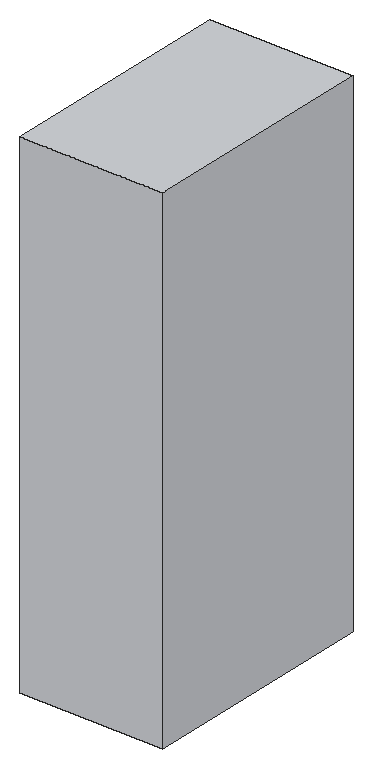
Revit family "機廠行政大樓_通訊SCADA室_伺服器機櫃_600x1000x2100", category 電氣設備, Revit 2025
Family settings
  面板規劃 = 兩欄，回路穿越
  圓形接點標註 = 使用直徑
  組件類型 = 分電盤
  OmniClass 編號 = 23.80.30.11.17
  OmniClass 標題 = Distribution Boards and Control Panels
  以工作平面為基礎 = 否
  總是垂直 = 是
  載入時使用空心切割 = 否
  維持標註方位 = 否
  共用 = 否
  房間計算點 = 否
Parameters (values of type "伺服器與網路機櫃")
  built-in parameter 1155100 [instance] = -1
  Default Elevation = 0 mm
  built-in parameter 1140142 [instance] = -1
  SCADA_高mm [instance] = "2100"
  SCADA_附錄F項次 [instance] = "11"
  SCADA_附錄D項次 [instance] = "1"
  SCADA_編號 [instance] = "DEP-ADM-TEL-SRV-01"
  SCADA_站點 [instance] = "社后機廠"
  SCADA_深mm [instance] = "1000"
  SCADA_機櫃類型 [instance] = "伺服器與網路機櫃"
  SCADA_期別 [instance] = "共用"
  SCADA_房間 [instance] = "通訊 SCADA 設備室"
  SCADA_建物 [instance] = "行政大樓"
  SCADA_尺寸 [instance] = "600W×1000D×2100H"
  SCADA_寬mm [instance] = "600"
  SCADA_定位來源 [instance] = "獨立設備族群（載入專案後定位）"
  SCADA_備註 [instance] = ""
  SCADA_來源文件 [instance] = "Installation SoW_V6（Rev.006, 2026-07-02）附錄 D / F；依原文顏色標示排除已刪除項目"
  SCADA_UPS電源110V [instance] = "雙 UPS 電源（2×6000VA）"
  built-in parameter 1140140 [instance] = 1 (stored number, unit not read)
Reference planes
  plane 1 "中心 (前/後)": y = 0
  plane 2: z = 0
  plane 3 "中心 (左/右)": x = 0
Forms (mm)
  Extrusion 1, solid
    sketch origin (0, 0, 0) x (1, 0, 0) y (0, 1, 0)
      loop
        line (-300, -500) -> (300, -500) -> (300, 500) -> (-300, 500) -> (-300, -500)
    from 0 to 2100
Lines and regions (mm)
  model lines, style "開門線"
    curve 1: line (300, -500, 0) -> (300, -1100, 0)
    curve 2: arc (-300, -500, 0) -> (-124.264, -924.264, 0) -> (300, -1100, 0) r 600
    curve 3: line (-300, 500, 0) -> (-300, 1100, 0)
    curve 4: arc (300, 500, 0) -> (124.264, 924.264, 0) -> (-300, 1100, 0) r 600
Dimensions and locks
  aligned and locked: level to plane 2
